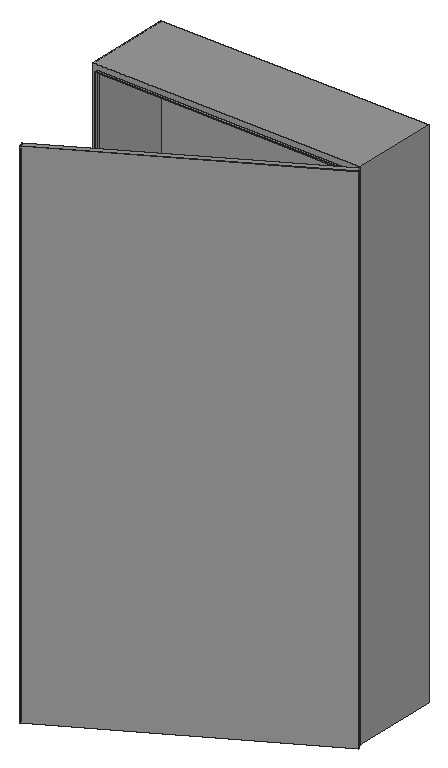
Revit family "Hager-Univers-IP55-D275-H1550-Cl.II-Steel_encl-NoHosted-DE-de", category Equipement électrique, Revit 2020
Family settings
  Configuration du panneau = Deux colonnes, circuits au sein
  Cote de connecteur circulaire = Utiliser le diamètre
  Type d'élément = Tableau de raccordement
  Basée sur le plan de construction = Oui
  Toujours verticalement = Oui
  Couper avec des vides une fois chargée = Non
  Partagée = Non
  Point de calcul de pièce = Non
Parameters (values of type "Aufputz IP55 B800 H1550 T275  - FR03S")
  Width Control [instance] = if([EF000008 - Breite] > Min Width, [EF000008 - Breite], Min Width)  # 800 mm
  Commentaires du type = [HG000003 - Bereich]  # "Univers"
  Thickness Door [instance] = if([EF009171 - Materialstärke Tür/Deckel] > 3 mm, 3 mm, [EF009171 - Materialstärke Tür/Deckel])  # 1.5 mm
  Seal Frame Offset [instance] = 17 mm  # constant formula
  Plinth Visibility [instance] = [HG000027 - Sockelhöhe] > 0 mm  # no
  Min Width [instance] = 100 mm  # constant formula
  Min Depth [instance] = (2 * [EF009170 - Materialstärke Gehäuse]) + 1 mm  # 4 mm
  Min Height [instance] = 100 mm  # constant formula
  Internal Frame Depth [instance] = (Door System Depth * 0.5)  # 9 mm
  Panel Name [instance] = ""  # (empty or 0)
  Model = ""
  HG000027 - Sockelhöhe = 0 mm
  HG000026 - Stehend auf dem Boden = no
  HG000024 - Höhe des unteren Teils = 600 mm
  HG000023 - Gehäuse mit doppeltem Querschnitt = no
  HG000016 - 3D-Türsichtbarkeit [instance] = yes
  HG000015 - Sichtbarkeit der Türöffnung [instance] = no
  HG000014 - Tür rechts [instance] = yes
  HG000013 - Tür links [instance] = not([HG000014 - Tür rechts])  # no
  HG000012 - Türschwenkwinkel [instance] = 30.00°
  HG000010 - Asymmetrische Türen = no
  HG000009 - Doppelflügeligen Tür = no
  HG000006 - Unterputz = no
  HG000004 - Herstellerreferenz = "FR03S"
  HG000003 - Bereich = "Univers"
  HG000002 - Mit tür = yes
  Frame Offset Bottom [instance] = 10 mm  # constant formula
  Frame Offset [instance] = 15 mm  # constant formula
  EF015940 - Deckel mit Überdruckentlastung = no
  EF011959 - Schutzart (NEMA) = ""
  EF009554 - Anzahl der Öffnungen für Flanschplatten = 6
  EF009212 - Ausführung Deckel = "EV000116 - geschlossen"
  EF009171 - Materialstärke Tür/Deckel = 1.5 mm
  EF009170 - Materialstärke Gehäuse = 1.5 mm
  EF008873 - Nennstrom (In) = 800 A
  EF007800 - Geeignet für Blitzschutz = no
  EF006306 - Mit Schloss = no
  EF006244 - Transparenter Deckel/Tür = no
  EF005474 - Schutzart (IP) = "EV006420 - IP55"
  EF004464 - Art der Tür = "EV002646 - Einzel"
  EF004427 - Anzahl der Module = 360
  EF004293 - Schlagfestigkeit = "EV008784 - IK10"
  EF003532 - Geeignet für Außengebrauch = no
  EF002950 - Breite in Teilungseinheiten = 24
  EF001613 - Funktionserhalt = "EV000494 - ohne"
  EF001596 - Werkstoff des Gehäuses = "EV000179 - Stahl"
  EF001131 - Innentiefe = 275 mm
  EF001088 - Anbaumöglichkeit = yes
  EF000437 - Anzahl der Leitungseinführungen = 6
  EF000339 - Art der Abdeckung = "EV004216 - Tür"
  EF000266 - Anzahl der Reihen = 10
  EF000218 - Einbautiefe = 0 mm
  EF000118 - Mit Montageplatte = no
  EF000116 - RAL-Nummer = "7035"
  EF000049 - Tiefe = 275 mm
  EF000040 - Höhe = 1550 mm
  EF000008 - Breite = 800 mm
  EF000007 - Farbe = "EV000270 - grau"
  EF000003 - Montageart = "EV000384 - Aufputz"
  Door System Leaf Tolerance [instance] = 1.5 mm  # constant formula
  Door System Depth [instance] = 18 mm  # constant formula
  Door Height [instance] = Height Control - [HG000027 - Sockelhöhe]  # 1550 mm
  Description = ""
  Default Elevation = 1219.2 mm
  Connector Offset [instance] = Height Control / 2  # 775 mm
  Fabricant = "Hager"  # constant formula
  Height Control [instance] = if([EF000040 - Höhe] > Min Height, [EF000040 - Höhe], Min Height)  # 1550 mm
  Depth Control [instance] = if([EF000049 - Tiefe] > Min Depth, [EF000049 - Tiefe], Min Depth)  # 275 mm
  Bottom Top Plate Trim [instance] = 1.5 mm  # constant formula
  Plinth height Ctrl [instance] = if([HG000027 - Sockelhöhe] > 0 mm, [HG000027 - Sockelhöhe], 12 mm)  # 12 mm
Types (5, lengths in mm): name | Width Control | HG000010 - Asymmetrische Türen | HG000009 - Doppelflügeligen Tür | HG000004 - Herstellerreferenz | EF009554 - Anzahl der Öffnungen für Flanschplatten | EF004464 - Art der Tür | EF004427 - Anzahl der Module | EF000437 - Anzahl der Leitungseinführungen | EF000008 - Breite
  Aufputz IP55 B1050 H1550 T275  - FR04S | 1050 | no | yes | "FR04S" | 8 | "EV003602 - Doppel" | 480 | 8 | 1050
  Aufputz IP55 B1300 H1550 T275  - FR05S | 1300 | yes | yes | "FR05S" | 10 | "EV003602 - Doppel" | 600 | 10 | 1300
  Aufputz IP55 B300 H1550 T275  - FR01S | 300 | no | no | "FR01S" | 2 | "EV002646 - Einzel" | 120 | 2 | 300
  Aufputz IP55 B550 H1550 T275  - FR02S | 550 | no | no | "FR02S" | 4 | "EV002646 - Einzel" | 240 | 4 | 550
  Aufputz IP55 B800 H1550 T275  - FR03S | 800 | no | no | "FR03S" | 6 | "EV002646 - Einzel" | 360 | 6 | 800
Reference planes
  plane 1 "Center (Front/Back)": y = 0
  plane 2: z = 0
  plane 3 "Center (Left/Right)": x = 0
  plane 4: y = 0
  plane 5: y = 0
  plane 6: z = 0
  plane 7: x = -400
  plane 8: x = 400
  plane 9: x = 398.5
  plane 10: x = -398.5
  plane 11: z = 0
  plane 12: z = 1.5
  plane 13: y = -275
  plane 14: y = -1.5
  plane 15: x = 0
  plane 16: y = -257
  plane 17: y = -273.5
  plane 18: y = -255.5
  plane 19: x = -383.5
  plane 20: x = 383.5
  plane 21: z = 11.5
  plane 22: x = -383
  plane 23: x = 383
  plane 24: z = 0
  plane 25: z = 1550
  plane 26: z = 1550
  plane 27: z = 1533.5
  plane 28: z = 1548.5
Forms (mm)
  Extrusion 1, solid, material "Hager_Steel_RAL7035_Light_Grey", detail levels medium+fine
    sketch origin (-208.679, -4572, 0) x (-1, 0, 0) y (0, -1, 0)
      loop
        line (191.321, -4315) -> (-608.679, -4315) -> (-608.679, -4572) -> (191.321, -4572) -> (191.321, -4315)
    from 0 to 1550
  Extrusion 2, void
    sketch origin (-350.771, -275, 1219.2) x (1, 0, 0) y (0, 0, 1)
      loop
        line (-47.729, 329.3) -> (-47.729, -1217.7) -> (749.271, -1217.7) -> (749.271, 329.3) -> (-47.729, 329.3)
    from -19.5 to -273.5
  Extrusion 3, void
    sketch origin (-290.084, -257, 1219.2) x (1, 0, 0) y (0, 0, 1)
      loop
        line (-93.416, -1207.7) -> (673.584, -1207.7) -> (673.584, 314.3) -> (-93.416, 314.3) -> (-93.416, -1207.7)
    from 0 to -1.5
  Extrusion 4, solid, material "Hager_Steel_RAL7035_Light_Grey", visible <- "Plinth Visibility", detail levels medium+fine
    sketch origin (0, 0, 0) x (1, 0, 0) y (0, 1, 0)
      loop
        line (-400, 0) -> (-400, -257) -> (400, -257) -> (400, 0) -> (-400, 0)
    from 0 to 12 <- "Plinth height Ctrl"
  Extrusion 5, solid, material "Hager_Steel_RAL7035_Light_Grey", detail levels coarse
    sketch origin (0, 0, 0) x (1, 0, 0) y (0, 1, 0)
      loop
        line (-400, 0) -> (-400, -275) -> (400, -275) -> (400, 0) -> (-400, 0)
    from 0 to 1550 <- "Height Control"
  Sweep 6, void
    path in 3D
      loop
        line (-400, -257, 12) -> (400, -257, 12) -> (400, 0, 12) -> (-400, 0, 12) -> (-400, -257, 12)
    profile origin (-400, -128.5, 12) x (1, 0, 0) y (0, 0, 1)
      loop
        line (0, 0) -> (0, -1.5) -> (1.5, -1.5)
        arc (1.5, -1.5) -> (1.061, -0.439) -> (0, 0) r 1.5
  Extrusion 7, solid, material "Hager_Steel_RAL7035_Light_Grey", detail levels fine
    sketch origin (-400, -257, 0) x (1, 0, 0) y (0, 0, 1)
      loop
        line (16.5, 11.5) -> (783.5, 11.5) -> (783.5, 1533.5) -> (16.5, 1533.5) -> (16.5, 11.5)
      loop
        line (15, 10) -> (785, 10) -> (785, 1535) -> (15, 1535) -> (15, 10)
    from 0 to 9 <- "Internal Frame Depth"
Cuts and joins
  Extrusion 2, Extrusion 3 cuts Extrusion 1
  Sweep 6 cuts Extrusion 4
Lines and regions (mm)
  Masking region 1
    outline origin (0, 0, 0) x (1, 0, 0) y (0, 1, 0)
      loop
        line (-400, 0) -> (-400, -275) -> (400, -275) -> (400, 0) -> (-400, 0)
  Masking region 2, detail levels coarse
    outline origin (-290.084, -257, 1219.2) x (-1, 0, 0) y (0, 0, 1)
      loop
        line (-690.084, -1219.2) -> (109.916, -1219.2) -> (109.916, 330.8) -> (-690.084, 330.8) -> (-690.084, -1219.2)
  Masking region 3, detail levels coarse
    outline origin (0, 0, 0) x (0, 1, 0) y (0, 0, 1)
      loop
        line (0, 0) -> (0, 1550) -> (-275, 1550) -> (-275, 0) -> (0, 0)
  Masking region 4, visible <- "Plinth Visibility", detail levels medium+fine
    outline origin (0, 0, 0) x (0, 1, 0) y (0, 0, 1)
      loop
        line (-1.5, 12) -> (-255.5, 12)
        arc (-255.5, 12) -> (-255.939, 10.939) -> (-257, 10.5) r 1.5
        line (-257, 10.5) -> (-257, 0) -> (0, 0) -> (0, 10.5)
        arc (0, 10.5) -> (-1.061, 10.939) -> (-1.5, 12) r 1.5
  Masking region 5, detail levels medium+fine
    outline origin (0, 0, 594.038) x (0, 1, 0) y (0, 0, 1)
      loop
        line (0, -594.038) -> (0, 955.962) -> (-257, 955.962) -> (-257, -594.038) -> (0, -594.038)
  Masking region 6, detail levels medium+fine
    outline origin (-359.7, -257, 1211.883) x (-1, 0, 0) y (0, 0, 1)
      loop
        line (-759.7, -1211.883) -> (40.3, -1211.883) -> (40.3, 338.117) -> (-759.7, 338.117) -> (-759.7, -1211.883)
  Masking region 7, visible <- "Plinth Visibility", detail levels medium+fine
    outline origin (-320.334, -257, 1041.368) x (-1, 0, 0) y (0, 0, 1)
      loop
        line (-720.334, -1041.368) -> (79.666, -1041.368) -> (79.666, -1030.868)
        arc (79.666, -1030.868) -> (78.606, -1030.429) -> (78.166, -1029.368) r 1.5
        line (78.166, -1029.368) -> (-718.834, -1029.368)
        arc (-718.834, -1029.368) -> (-719.273, -1030.429) -> (-720.334, -1030.868) r 1.5
        line (-720.334, -1030.868) -> (-720.334, -1041.368)
  sketch lines
    curve 1: line (-400, 0, 12) -> (-400, -257, 12)
    curve 2: line (-400, -257, 12) -> (400, -257, 12)
    curve 3: line (400, 0, 12) -> (-400, 0, 12)
    curve 4: line (400, -257, 12) -> (400, 0, 12)
Dimensions and locks
  locked: plane 1 "Center (Front/Back)" to plane 5
  "EF009170 - Materialstärke Gehäuse": plane 7 to plane 10
  "EF009170 - Materialstärke Gehäuse": plane 8 to plane 9
  equal spacing: plane 7, plane 3 "Center (Left/Right)", plane 8
  "Width Control": plane 7 to plane 8
  "Depth Control": plane 4 to plane 13
  "EF009170 - Materialstärke Gehäuse": plane 4 to plane 14
  "Height Control": plane 25 to level
  "HG000027 - Sockelhöhe": plane 11 to level
  "EF009170 - Materialstärke Gehäuse": plane 12 to plane 11
  "EF009170 - Materialstärke Gehäuse": plane 17 to plane 13
  "EF009170 - Materialstärke Gehäuse": plane 18 to plane 16
  "Frame Offset Bottom": plane 21 to plane 12
  "Frame Offset": plane 10 to plane 19
  "Frame Offset": plane 9 to plane 20
  "Door System Depth": plane 16 to plane 13
  "Seal Frame Offset": plane 7 to plane 22
  "Seal Frame Offset": plane 8 to plane 23
  "EF009170 - Materialstärke Gehäuse": plane 26 to plane 28
  "Frame Offset": plane 28 to plane 27
  "Connector Offset": plane 2 to connector elem
  "Bottom Top Plate Trim": profile plane to Sweep 6 sketch curve
  "Bottom Top Plate Trim": Sweep 6 sketch curve to Sweep 6 sketch curve
  "Plinth height Ctrl": Masking region 4 sketch curve to level
  "Plinth height Ctrl": Masking region 7 sketch curve to level
  "Thickness Door": Extrusion 7 sketch curve to Extrusion 7 sketch curve  (x4)
  "Bottom Top Plate Trim": radius of Sweep 6 sketch curve
  "Bottom Top Plate Trim": radius of Masking region 4 sketch curve  (x2)
  "Bottom Top Plate Trim": radius of Masking region 7 sketch curve  (x2)
  aligned and locked: Extrusion 2 sketch curve to plane 12
  aligned and locked: Extrusion 2 sketch curve to plane 9
  aligned and locked: Extrusion 2 sketch curve to plane 10
  aligned and locked: Extrusion 2 to plane 14
  aligned and locked: Extrusion 1 sketch curve to plane 4
  aligned and locked: plane 8 to Extrusion 1 sketch curve
  aligned and locked: plane 7 to Extrusion 1 sketch curve
  aligned and locked: Extrusion 2 to plane 18
  aligned and locked: Extrusion 3 sketch curve to plane 19
  aligned and locked: plane 20 to Extrusion 3 sketch curve
  aligned and locked: Extrusion 3 to Extrusion 2
  aligned and locked: Extrusion 3 sketch curve to plane 21
  aligned and locked: plane 3 "Center (Left/Right)" to nested 1
  aligned and locked: Extrusion 1 sketch curve to plane 16
  aligned and locked: Extrusion 4 sketch curve to cut or joined group of Extrusion 1, Extrusion 2, Extrusion 3
  aligned and locked: Masking region 1 sketch curve to plane 7
  aligned and locked: Masking region 1 sketch curve to plane 5
  aligned and locked: Masking region 1 sketch curve to plane 8
  aligned and locked: Masking region 2 sketch curve to level
  aligned and locked: level to Masking region 3 sketch curve
  aligned and locked: plane 1 "Center (Front/Back)" to Masking region 3 sketch curve
  aligned and locked: plane 13 to Masking region 3 sketch curve
  aligned and locked: plane 5 to Masking region 4 sketch curve
  aligned and locked: Masking region 2 sketch curve to plane 8
  aligned and locked: Masking region 2 sketch curve to plane 7
  aligned and locked: plane 7 to nested 2
  aligned and locked: nested 2 to plane 5
  aligned and locked: plane 5 to Masking region 5 sketch curve
  aligned and locked: plane 26 to Masking region 5 sketch curve
  aligned and locked: Extrusion 5 sketch curve to plane 8
  aligned and locked: Extrusion 5 sketch curve to plane 7
  aligned and locked: Extrusion 5 sketch curve to plane 5
  aligned and locked: Extrusion 3 sketch curve to plane 27
  aligned and locked: Extrusion 2 sketch curve to plane 28
  aligned and locked: Masking region 2 to plane 25
  aligned and locked: Extrusion 4 to plane 16
  aligned and locked: profile plane to Sweep 6 sketch curve
  aligned and locked: Masking region 5 sketch curve to plane 24
  aligned and locked: level to Masking region 4 sketch curve
  aligned and locked: Masking region 1 to plane 13
  aligned and locked: nested 1 to plane 16
  aligned and locked: Masking region 3 to plane 25
  aligned and locked: plane 16 to Masking region 4 sketch curve
  aligned and locked: Masking region 5 sketch curve to plane 16
  aligned and locked: plane 24 to plane 11
  aligned and locked: plane 26 to plane 25
  aligned and locked: plane 26 to cut or joined group of Extrusion 1, Extrusion 2, Extrusion 3
  aligned and locked: nested 1 to plane 24
  aligned and locked: Extrusion 1 to Extrusion 3
  aligned and locked: Masking region 6 sketch curve to plane 8
  aligned and locked: Masking region 6 sketch curve to plane 24
  aligned and locked: Masking region 6 sketch curve to plane 7
  aligned and locked: Masking region 6 sketch curve to plane 26
  aligned and locked: Masking region 7 sketch curve to plane 7
  aligned and locked: level to Masking region 7 sketch curve
  aligned and locked: Masking region 7 sketch curve to plane 8
  aligned and locked: Extrusion 7 sketch curve to cut or joined group of Extrusion 1, Extrusion 2, Extrusion 3  (x4)
Automatic sketch dimensions
  plane 19 to Extrusion 3 sketch curve = 0 mm
  Extrusion 3 sketch curve to plane 20 = 0 mm
  Extrusion 3 sketch curve to plane 21 = 0 mm
  Extrusion 4 sketch curve to plane 7 = 0 mm
  Extrusion 4 sketch curve to plane 8 = 0 mm
  Extrusion 4 sketch curve to plane 16 = 0 mm
  Masking region 1 sketch curve to plane 13 = 0 mm
  Masking region 2 sketch curve to plane 25 = 0 mm
  Masking region 3 sketch curve to plane 25 = 0 mm
  Extrusion 5 sketch curve to plane 13 = 0 mm
  profile plane to Sweep 6 sketch curve = 0 mm
Nested families
  nested 1: "EC000058_Univers_Door" at (0, -257, 0), Double <- "HG000009 - Doppelflügeligen Tür", Transparent <- "EF006244 - Transparenter Deckel/Tür", Angle <- "HG000012 - Türschwenkwinkel", Door_Right <- "HG000014 - Tür rechts", Assymetrical <- "HG000010 - Asymmetrische Türen", Door <- "HG000002 - Mit tür", Width_Ctrl <- "Width Control", 3d_Door <- "HG000016 - 3D-Türsichtbarkeit", Clearance <- "HG000015 - Sichtbarkeit der Türöffnung", Door_Left <- "HG000013 - Tür links", Width <- "Width Control", Door_Depth <- "Door System Depth", Leaf_Tolerance <- "Door System Leaf Tolerance", Height <- "Door Height", Lock_Visibility <- "EF006306 - Mit Schloss", Thickness <- "Thickness Door", type "EC000058_Univers_Door", detail levels medium+fine
    with min_wh 4 mm, Width_Ctrl 800 mm, Width 800 mm, Transparent no, Thickness 1.5 mm, Seal_Material Hager_Rubber, Lock_Visibility no, Lock_Material Hager_Plastic_RAL9005_Jet_Black, Leaf_Width 800 mm, Leaf_Tolerance_External_Sides 0 mm, Leaf_Tolerance 1.5 mm, Leaf_Offset 0 mm, Leaf_Height 1547 mm, Leaf_2_Width 800 mm, Leaf_2_Offset 400 mm, Leaf_1_Width 800 mm, Leaf_1_Offset 400 mm, Height_Ctrl 1550 mm, Height 1550 mm, Glass_Material Hager_Glass, Double_Clearance_Ctrl no, Double no, Door_Right_Ctrl yes, Door_Right yes, Door_Material Hager_Steel_RAL7035_Light_Grey, Door_Left_Ctrl no, Door_Left no, Door_Depth 18 mm, Door yes, Clearance_Material Hager_Clearance, Clearance_Depth 800 mm, Clearance_Ctrl no, Clearance no, Assymetrical no, Angle 30.00°, 3d_Door yes
  nested 2: "Hager_Enclosure_Symbol" at (-400, 0, 0), Height <- "Depth Control", Width <- "Width Control", type "Hager_Enclosure_Symbol"
    with Width_Ctrl 800 mm, Width 800 mm, Height_Ctrl 275 mm, Height 275 mm, A_Width_Int 18.047 mm, A_Width 216.562 mm, A_Height_Ctrl 240.625 mm, A_Height 240.625 mm
Connectors
  electrical at (0, 0, 775)
    settings: on plane 1 "Center (Front/Back)", index 1, voltage 0 V, apparent load 0 VA, apparent load phase1 0 VA, apparent load phase2 0 VA, apparent load phase3 0 VA, power factor 1, load classification "Other", number of poles 1, system type 30, power factor state 1, is connector primary yes, connector utility no, sub classification motor no, connector description ""
Definition of nested family "EC000058_Univers_Door"
  Parameters (values of type "EC000058_Univers_Door")
    min_wh [instance] = (2 * Thickness) + 1 mm  # 11 mm
    Width_Ctrl [instance] = 400 mm
    Width [instance] = 500 mm
    Transparent [instance] = yes
    Thickness [instance] = 5 mm
    Seal_Material [instance] = none
    Lock_Visibility [instance] = yes
    Lock_Material [instance] = none
    Leaf_Width [instance] = if((Width_Ctrl - 2 * Leaf_Tolerance_External_Sides) > 0 mm, (Width_Ctrl - 2 * Leaf_Tolerance_External_Sides), min_wh)  # 400 mm
    Leaf_Tolerance_External_Sides [instance] = 0 mm  # constant formula
    Leaf_Tolerance [instance] = 1.5 mm
    Leaf_Offset [instance] = 0 mm  # constant formula
    Leaf_Height [instance] = if((Height_Ctrl - 2 * Leaf_Tolerance) > 0 mm, (Height_Ctrl - 2 * Leaf_Tolerance), min_wh)  # 497 mm
    Leaf_2_Width [instance] = if(and(and(Double, Assymetrical), Door_Left), (Leaf_Width / 3) - (Leaf_Tolerance / 2), if(and(and(Double, Assymetrical), Door_Right), (Leaf_Width / 3) * 2 - (Leaf_Tolerance / 2), if(and(Double, not(Assymetrical)), (Leaf_Width / 2) - Leaf_Tolerance, Leaf_Width)))  # 400 mm
    Leaf_2_Offset [instance] = if(and(Double, Assymetrical), Leaf_2_Width / 2, if(and(Double, not(Assymetrical)), Leaf_Width / 4, Leaf_Width / 2))  # 200 mm
    Leaf_1_Width [instance] = if(and(and(Double, Assymetrical), Door_Right), (Leaf_Width / 3) - (Leaf_Tolerance / 2), if(and(and(Double, Assymetrical), Door_Left), (Width / 3) * 2 - (Leaf_Tolerance / 2), if(and(Double, not(Assymetrical)), (Leaf_Width / 2) - Leaf_Tolerance, Leaf_Width)))  # 400 mm
    Leaf_1_Offset [instance] = if(and(Double, Assymetrical), Leaf_1_Width / 2, if(and(Double, not(Assymetrical)), Leaf_Width / 4, Leaf_Width / 2))  # 200 mm
    Height_Ctrl [instance] = if(Height > min_wh, Height, min_wh)  # 500 mm
    Height [instance] = 500 mm
    Glass_Material [instance] = none
    Double_Clearance_Ctrl [instance] = and(Double, Clearance)  # no
    Double [instance] = no
    Door_Right_Ctrl [instance] = and(or(Door_Right, Double), Door)  # yes
    Door_Right [instance] = yes
    Door_Material [instance] = none
    Door_Left_Ctrl [instance] = and(or(Door_Left, Double), Door)  # no
    Door_Left [instance] = no
    Door_Depth [instance] = 30 mm
    Door [instance] = yes
    Default Elevation = 1219.2 mm
    Clearance_Material [instance] = none
    Clearance_Depth [instance] = if(Leaf_1_Width > Leaf_2_Width, Leaf_1_Width, Leaf_2_Width)  # 400 mm
    Clearance_Ctrl [instance] = and(not(Double), Clearance)  # yes
    Clearance [instance] = yes
    Assymetrical [instance] = yes
    Angle [instance] = 30.00°
    3d_Door [instance] = yes
  Reference planes
    plane 1 "Center (Front/Back)": y = 0
    plane 2 "Bottom": z = 0
    plane 3 "Center (Left/Right)": x = 0
    plane 4: z = 500
    plane 5: x = -200
    plane 6: x = 200
    plane 7: z = 500
    plane 8: x = -200
    plane 9: z = 0
    plane 10: x = 200
    plane 11: y = 0
    plane 12: z = 1.5
    plane 13: x = -600
    plane 14: y = -400
    plane 15: x = 600
    plane 16: x = 0
    plane 17: x = 0
    plane 18: x = -200
    plane 19: x = 200
    plane 20: z = 498.5
  Forms (mm)
    Extrusion 1, solid, material <- "Clearance_Material", visible <- "Double_Clearance_Ctrl"
      sketch origin (1200, 0, 0) x (1, 0, 0) y (0, 0, -1)
        loop
          line (-1800, -498.5) -> (-600, -498.5) -> (-600, 0) -> (-1800, 0) -> (-1800, -498.5)
      from 0 to -400
  Dimensions and locks
    equal spacing: plane 5, plane 3 "Center (Left/Right)", plane 6
    "Width_Ctrl": plane 5 to plane 6
    "Leaf_Offset": plane 5 to plane 8
    "Leaf_Offset": plane 6 to plane 10
    "Leaf_Offset": plane 9 to level
    "Leaf_Offset": plane 4 to plane 7
    "Height_Ctrl": plane 4 to level
    "Leaf_Tolerance": plane 12 to plane 9
    locked: plane 11 to plane 1 "Center (Front/Back)"
    "Leaf_1_Offset": plane 18 to plane 16
    "Leaf_2_Offset": plane 17 to plane 19
    "Leaf_1_Width": plane 13 to plane 8
    "Leaf_2_Width": plane 10 to plane 15
    "Clearance_Depth": plane 14 to plane 1 "Center (Front/Back)"
    "Leaf_Tolerance_External_Sides": plane 8 to plane 18
    "Leaf_Tolerance_External_Sides": plane 19 to plane 10
    "Leaf_Tolerance": plane 7 to plane 20
    aligned and locked: level to plane 2 "Bottom"
    aligned and locked: nested 1 to plane 16
    aligned and locked: nested 2 to plane 17
    aligned and locked: Extrusion 1 to plane 13
    aligned and locked: plane 15 to Extrusion 1
    aligned and locked: Extrusion 1 to plane 14
    aligned and locked: plane 12 to nested 1
    aligned and locked: nested 2 to plane 12
    aligned and locked: Extrusion 1 to plane 11
    aligned and locked: plane 20 to Extrusion 1
    aligned and locked: nested 2 to plane 11
    aligned and locked: nested 1 to plane 11
  Automatic sketch dimensions
    Extrusion 1 sketch curve to level = 0 mm
    plane 5 to Extrusion 1 sketch curve = 400 mm
    plane 6 to Extrusion 1 sketch curve = 400 mm
    Extrusion 1 sketch curve to plane 4 = 1.5 mm
  Nested families
    nested 1: "EC000058_Univers_Door_Leaf" at (0, 0, 1.5), Width <- "Leaf_1_Width", visible <- "Door_Left_Ctrl", Leaf_Height <- "Leaf_Height", Angle <- "Angle", 3d_Door <- "3d_Door", Transparent <- "Transparent", Clearance Material <- "Clearance_Material", Clearance <- "Clearance_Ctrl", Door_Material <- "Door_Material", Glass_Material <- "Glass_Material", Door_Depth <- "Door_Depth", Lock_Material <- "Lock_Material", Seal_Material <- "Seal_Material", Lock_Visibility <- "Lock_Visibility", Thickness <- "Thickness", type "EC000058_Univers_Door_Leaf"
      with Width 400 mm, Transparent_Glass_Offset 30 mm, Transparent_Ctrl yes, Transparent yes, Thickness 5 mm, Standard no, Seal_Material none, Seal_D2 8 mm, Seal_D1 1 mm, Offset_Internal_Frame 10 mm, Lock_Width 20 mm, Lock_Visibility_3d yes, Lock_Visibility yes, Lock_Thickness_3 3 mm, Lock_Thickness_2 1 mm, Lock_Thickness_1 3 mm, Lock_Radius_Offset_2 16 mm, Lock_Radius_Offset_1 15 mm, Lock_Radius_2 5 mm, Lock_Radius 6 mm, Lock_Offset 5 mm, Lock_Material none, Lock_Height 80 mm, Lock_Cover_Top_Offset_2d 17 mm, Lock_Cover_Height -65 mm, Leaf_Height 497 mm, Internal_Seal_Thickness 8 mm, Internal_Seal_Depth_2 4.5 mm, Internal_Frame_Depth 25 mm, Glass_Thickness -1 mm, Glass_Offset -2 mm, Glass_Material none, Door_Material none, Door_Depth 30 mm, Clearance Material none, Clearance yes, Angle_Ctrl 30.00°, Angle 30.00°, 3d_Door yes
    nested 2: "EC000058_Univers_Door_Leaf" at (0, 0, 1.5) x (-1, 0, 0) z (0, 0, 1), Width <- "Leaf_2_Width", visible <- "Door_Right_Ctrl", Leaf_Height <- "Leaf_Height", Angle <- "Angle", 3d_Door <- "3d_Door", Transparent <- "Transparent", Clearance Material <- "Clearance_Material", Clearance <- "Clearance_Ctrl", Door_Material <- "Door_Material", Glass_Material <- "Glass_Material", Door_Depth <- "Door_Depth", Lock_Material <- "Lock_Material", Seal_Material <- "Seal_Material", Lock_Visibility <- "Lock_Visibility", Thickness <- "Thickness", type "EC000058_Univers_Door_Leaf"
      with Width 400 mm, Transparent_Glass_Offset 30 mm, Transparent_Ctrl yes, Transparent yes, Thickness 5 mm, Standard no, Seal_Material none, Seal_D2 8 mm, Seal_D1 1 mm, Offset_Internal_Frame 10 mm, Lock_Width 20 mm, Lock_Visibility_3d yes, Lock_Visibility yes, Lock_Thickness_3 3 mm, Lock_Thickness_2 1 mm, Lock_Thickness_1 3 mm, Lock_Radius_Offset_2 16 mm, Lock_Radius_Offset_1 15 mm, Lock_Radius_2 5 mm, Lock_Radius 6 mm, Lock_Offset 5 mm, Lock_Material none, Lock_Height 80 mm, Lock_Cover_Top_Offset_2d 17 mm, Lock_Cover_Height -65 mm, Leaf_Height 497 mm, Internal_Seal_Thickness 8 mm, Internal_Seal_Depth_2 4.5 mm, Internal_Frame_Depth 25 mm, Glass_Thickness -1 mm, Glass_Offset -2 mm, Glass_Material none, Door_Material none, Door_Depth 30 mm, Clearance Material none, Clearance yes, Angle_Ctrl 30.00°, Angle 30.00°, 3d_Door yes
  Definition of nested family "EC000058_Univers_Door_Leaf"
    Parameters (values of type "EC000058_Univers_Door_Leaf")
      Width [instance] = 2000 mm
      Transparent_Glass_Offset [instance] = 30 mm
      Transparent_Ctrl [instance] = and(Transparent, [3d_Door])  # yes
      Transparent [instance] = yes
      Thickness [instance] = 5 mm
      Standard [instance] = and(not(Transparent), [3d_Door])  # no
      Seal_Material [instance] = none
      Seal_D2 [instance] = 8 mm  # constant formula
      Seal_D1 [instance] = 1 mm  # constant formula
      Offset_Internal_Frame [instance] = 10 mm  # constant formula
      Lock_Width [instance] = 20 mm  # constant formula
      Lock_Visibility_3d [instance] = and(Lock_Visibility, [3d_Door])  # yes
      Lock_Visibility [instance] = yes
      Lock_Thickness_3 [instance] = 3 mm  # constant formula
      Lock_Thickness_2 [instance] = 1 mm  # constant formula
      Lock_Thickness_1 [instance] = 3 mm  # constant formula
      Lock_Radius_Offset_2 [instance] = Lock_Radius_Offset_1 + 1 mm  # 16 mm
      Lock_Radius_Offset_1 [instance] = 15 mm  # constant formula
      Lock_Radius_2 [instance] = Lock_Radius - 1 mm  # 5 mm
      Lock_Radius [instance] = 6 mm  # constant formula
      Lock_Offset [instance] = 5 mm  # constant formula
      Lock_Material [instance] = none
      Lock_Height [instance] = 80 mm  # constant formula
      Lock_Cover_Top_Offset_2d [instance] = Lock_Radius_Offset_2 + 1 mm  # 17 mm
      Lock_Cover_Height [instance] = -(Lock_Height - Lock_Radius_Offset_1)  # -65 mm
      Leaf_Height [instance] = 2720.336 mm
      Internal_Seal_Thickness [instance] = 8 mm  # constant formula
      Internal_Seal_Depth_2 [instance] = 4.5 mm  # constant formula
      Internal_Frame_Depth [instance] = if(Door_Depth - Thickness > 5 mm, Door_Depth - Thickness, 5 mm)  # 25 mm
      Glass_Thickness [instance] = if(Thickness > 15 mm, Glass_Offset + 10 mm, -1 mm)  # -1 mm
      Glass_Offset [instance] = if(Thickness > 15 mm, -(Thickness + 10 mm) / 2, -2 mm)  # -2 mm
      Glass_Material [instance] = none
      Door_Material [instance] = none
      Door_Depth [instance] = 30 mm
      Default Elevation = 0 mm
      Clearance Material [instance] = none
      Clearance [instance] = yes
      Angle_Ctrl [instance] = if(Angle > 180.00°, 180.00°, Angle)  # 90.00°
      Angle [instance] = 90.00°
      3d_Door [instance] = yes
    Reference planes
      plane 1 "Center (Front/Back)": y = 0
      plane 2: z = 0
      plane 3 "Center (Left/Right)": x = 0
      plane 4: y = 2000
      plane 5: x = -1000
      plane 6: x = 1000
      plane 7: x = -3000
      plane 8: z = 2720.336
      plane 9: z = 30
      plane 10: z = 2690.336
      plane 11: x = 970
      plane 12: x = -970
      plane 13: y = -3
      plane 14: z = 107.833
      plane 15: y = -5
      plane 16: y = -223.314
      plane 17: x = -1000
      plane 18: z = 1360.168
      plane 19: y = 30
    Forms (mm)
      Extrusion 1, solid, material <- "Clearance Material", visible <- "Clearance"
        sketch origin (0, 0, 0) x (1, 0, 0) y (0, 0, 1)
          loop
            line (-3000, 2720.336) -> (-3000, 0) -> (1000, 0) -> (1000, 2720.336) -> (-3000, 2720.336)
        from 0 to -2000
      Extrusion 2, solid, material <- "Door_Material", visible <- "Standard", detail levels medium+fine
        sketch origin (-1000, 0, 0) x (0, 1, 0) y (-1, 0, 0)
          loop
            line (0, 30) -> (0, 25) -> (2000, 25) -> (2000, 30) -> (0, 30)
        from 0 to 2720.336 <- "Leaf_Height"
      Extrusion 3, solid, material <- "Door_Material", visible <- "Transparent_Ctrl", detail levels medium+fine
        sketch origin (-1000, 0, 0) x (0, 1, 0) y (-1, 0, 0)
          loop
            line (0, 25) -> (2000, 25) -> (2000, 30) -> (0, 30) -> (0, 25)
        from 0 to 2720.336 <- "Leaf_Height"
      Extrusion 4, void
        sketch origin (-1025, 2000, 0) x (0, 1, 0) y (0, 0, -1)
          loop
            line (-30, -2690.336) -> (-30, -30) -> (-1970, -30) -> (-1970, -2690.336) -> (-30, -2690.336)
        from 0 to 5 <- "Thickness"
      Sweep 5, solid, material <- "Seal_Material", visible <- "Transparent_Ctrl", detail levels fine
        path in 3D
          loop
            line (-1025, 30, 30) -> (-1025, 30, 2690.336) -> (-1025, 1970, 2690.336) -> (-1025, 1970, 30) -> (-1025, 30, 30)
        profile origin (-1025, 1000, 30) x (1, 0, 0) y (0, 0, 1)
          loop
            line (0, 0) -> (0, -8) -> (1, -8) -> (1, 0) -> (0, 0)
      Extrusion 6, solid, material <- "Glass_Material", visible <- "Transparent_Ctrl", detail levels medium+fine
        sketch origin (-1030, 0, 0) x (0, 1, 0) y (0, 0, -1)
          loop
            line (1970, -2690.336) -> (1970, -30) -> (30, -30) -> (30, -2690.336) -> (1970, -2690.336)
        from -2 <- "Glass_Offset" to -1 <- "Glass_Thickness"
      Extrusion 7, solid, material <- "Door_Material", visible <- "3d_Door", detail levels medium+fine
        sketch origin (-1025, 2000, 0) x (0, -1, 0) y (0, 0, -1)
          loop
            line (0, -2720.336) -> (2000, -2720.336) -> (2000, 0) -> (0, 0) -> (0, -2720.336)
          loop
            line (1995, -5) -> (5, -5) -> (5, -2715.336) -> (1995, -2715.336) -> (1995, -5)
        from 0 to 25 <- "Internal_Frame_Depth"
      Sweep 8, solid, material <- "Seal_Material", visible <- "Transparent_Ctrl", detail levels fine
        path in 3D
          loop
            line (-1025, 0, 0) -> (-1025, 2000, 0) -> (-1025, 2000, 2720.336) -> (-1025, 0, 2720.336) -> (-1025, 0, 0)
        profile origin (-1025, 0, 1360.168) x (1, 0, 0) y (0, 1, 0)
          loop
            line (0, 10) -> (2.975, 10)
            arc (2.975, 10) -> (4.053, 10.447) -> (4.5, 11.525) r 1.525
            line (4.5, 11.525) -> (4.5, 16.527)
            arc (4.5, 16.527) -> (4.069, 17.569) -> (3.027, 18) r 1.473
            line (3.027, 18) -> (0, 18) -> (0, 10)
      Extrusion 9, solid, material <- "Lock_Material", visible <- "Lock_Visibility_3d", detail levels fine
        sketch origin (-1030, 0, 0) x (0, 1, 0) y (0, 0, -1)
          loop
            arc (1993.5, -1400.168) -> (1994.561, -1399.729) -> (1995, -1398.668) r 1.5
            line (1995, -1398.668) -> (1995, -1320.168) -> (1975, -1320.168) -> (1975, -1398.668)
            arc (1975, -1398.668) -> (1975.439, -1399.729) -> (1976.5, -1400.168) r 1.5
            line (1976.5, -1400.168) -> (1993.5, -1400.168)
        from 3 <- "Lock_Thickness_1" to 0
      Blend 10, solid, material <- "Lock_Material", visible <- "Lock_Visibility_3d", detail levels fine
        base sketch origin (-1033, 0, 0) x (0, 1, 0) y (0, 0, -1)
          loop
            line (1975, -1320.168) -> (1975, -1398.668)
            arc (1975, -1398.668) -> (1975.439, -1399.729) -> (1976.5, -1400.168) r 1.5
            line (1976.5, -1400.168) -> (1993.5, -1400.168)
            arc (1993.5, -1400.168) -> (1994.561, -1399.729) -> (1995, -1398.668) r 1.5
            line (1995, -1398.668) -> (1995, -1320.168) -> (1975, -1320.168)
        top sketch origin (-1033, 0, 0) x (0, 1, 0) y (0, 0, -1)
          loop
            line (1976, -1320.168) -> (1976, -1398.668)
            arc (1976, -1398.668) -> (1976.146, -1399.022) -> (1976.5, -1399.168) r 0.5
            line (1976.5, -1399.168) -> (1993.5, -1399.168)
            arc (1993.5, -1399.168) -> (1993.854, -1399.022) -> (1994, -1398.668) r 0.5
            line (1994, -1398.668) -> (1994, -1320.168) -> (1976, -1320.168)
        from 0 to 1 <- "Lock_Thickness_2"
      Blend 11, solid, material <- "Lock_Material", visible <- "Lock_Visibility_3d", detail levels fine
        base sketch origin (-1034, 0, 0) x (0, 1, 0) y (0, 0, -1)
          loop
            line (1978, -1320.168) -> (1978, -1384.168)
            arc (1978, -1384.168) -> (1985, -1391.168) -> (1992, -1384.168) r 7
            line (1992, -1384.168) -> (1992, -1320.168) -> (1978, -1320.168)
        top sketch origin (-1034, 0, 0) x (0, 1, 0) y (0, 0, -1)
          loop
            line (1991, -1320.168) -> (1979, -1320.168) -> (1979, -1383.168)
            arc (1979, -1383.168) -> (1985, -1389.168) -> (1991, -1383.168) r 6
            line (1991, -1383.168) -> (1991, -1320.168)
        from 0 to 3 <- "Lock_Thickness_3"
      Extrusion 12, solid, material <- "Lock_Material", visible <- "Lock_Visibility_3d", detail levels fine
        sketch origin (-1030, 1975, 1320.168) x (1, 0, 0) y (0, -1, 0)
          loop
            line (-7, -19) -> (-7, -1) -> (0, -1) -> (0, 0) -> (-8, 0) -> (-8, -20) -> (0, -20) -> (0, -19) -> (-7, -19)
        from 0 to -65 <- "Lock_Cover_Height"
      Extrusion 13, void
        sketch origin (-1038, 1995, 1320.168) x (-1, 0, 0) y (0, 0, -1)
          loop
            line (-5, -65) -> (0, -65) -> (-5, -60) -> (-5, -65)
        from 0 to 20 <- "Lock_Width"
      Extrusion 14, void
        sketch origin (-1038, 1975, 1320.168) x (0, -1, 0) y (0, 0, -1)
          loop
            circle (-10, -15.995) r 6
          loop
            circle (-10, -15.995) r 5
        from 0 to 2
      Extrusion 15, solid, material <- "Lock_Material", visible <- "Lock_Visibility_3d", detail levels medium
        sketch origin (-1030, 0, 0) x (0, 1, 0) y (0, 0, -1)
          loop
            arc (1993.5, -1400.168) -> (1994.561, -1399.729) -> (1995, -1398.668) r 1.5
            line (1995, -1398.668) -> (1995, -1320.168) -> (1975, -1320.168) -> (1975, -1398.668)
            arc (1975, -1398.668) -> (1975.439, -1399.729) -> (1976.5, -1400.168) r 1.5
            line (1976.5, -1400.168) -> (1993.5, -1400.168)
        from 8 to 0
    Cuts and joins
      Extrusion 4 cuts Extrusion 3
      Extrusion 13, Extrusion 14 cuts Extrusion 9
      Extrusion 14 cuts Blend 11
      Extrusion 13, Extrusion 14 cuts Extrusion 12
      joined: Extrusion 9, Blend 10, Blend 11, Extrusion 12
      Extrusion 14 cuts Extrusion 15
    Lines and regions (mm)
      Masking region 1, visible <- "Lock_Visibility", detail levels fine
        outline origin (0, 0, 0) x (0, 1, 0) y (0, 0, 1)
          loop
            line (30, 1320.168) -> (33, 1320.168) -> (33, 1400.168) -> (30, 1400.168) -> (30, 1320.168)
      Masking region 2, visible <- "Lock_Visibility", detail levels fine
        outline origin (0, 3.143, 0) x (0, 1, 0) y (0, 0, 1)
          loop
            line (29.857, 1354.168) -> (30.857, 1354.168) -> (30.857, 1366.168) -> (29.857, 1366.168) -> (29.857, 1354.168)
      Masking region 3, detail levels medium+fine
        outline origin (0, 0, 0) x (0, 1, 0) y (0, 0, 1)
          loop
            line (0, 0) -> (30, 0) -> (30, 2720.336) -> (0, 2720.336) -> (0, 0)
      Masking region 4, detail levels medium+fine
        outline origin (0, 0, 0) x (1, 0, 0) y (0, 0, 1)
          loop
            line (-1000, 2720.336) -> (-1000, 0) -> (1000, 0) -> (1000, 2720.336) -> (-1000, 2720.336)
      Masking region 5, visible <- "Lock_Visibility", detail levels fine
        outline origin (-47.116, 0, 0) x (1, 0, 0) y (0, 0, 1)
          loop
            arc (1024.616, 1399.168) -> (1023.556, 1398.729) -> (1023.116, 1397.668) r 1.5
            line (1023.116, 1397.668) -> (1023.116, 1320.168) -> (1041.116, 1320.168) -> (1041.116, 1397.668)
            arc (1041.116, 1397.668) -> (1040.677, 1398.729) -> (1039.616, 1399.168) r 1.5
            line (1039.616, 1399.168) -> (1024.616, 1399.168)
      Masking region 6, visible <- "Lock_Visibility", detail levels medium+fine
        outline origin (-25, 0, 0) x (1, 0, 0) y (0, 0, 1)
          loop
            arc (1001.5, 1400.168) -> (1000.439, 1399.729) -> (1000, 1398.668) r 1.5
            line (1000, 1398.668) -> (1000, 1320.168) -> (1020, 1320.168) -> (1020, 1398.668)
            arc (1020, 1398.668) -> (1019.561, 1399.729) -> (1018.5, 1400.168) r 1.5
            line (1018.5, 1400.168) -> (1001.5, 1400.168)
      Masking region 7, visible <- "Lock_Visibility", detail levels fine
        outline origin (-73.735, 0, 0) x (1, 0, 0) y (0, 0, 1)
          loop
            line (1051.735, 1382.168) -> (1065.735, 1382.168) -> (1065.735, 1384.168)
            arc (1065.735, 1384.168) -> (1058.735, 1391.168) -> (1051.735, 1384.168) r 7
            line (1051.735, 1384.168) -> (1051.735, 1382.168)
      Masking region 8, visible <- "Lock_Visibility", detail levels fine
        outline origin (-73.735, 0, 0) x (1, 0, 0) y (0, 0, 1)
          loop
            line (1052.735, 1382.168) -> (1064.735, 1382.168) -> (1064.735, 1383.168)
            arc (1064.735, 1383.168) -> (1058.735, 1389.168) -> (1052.735, 1383.168) r 6
            line (1052.735, 1383.168) -> (1052.735, 1382.168)
      Masking region 9, visible <- "Lock_Visibility", detail levels fine
        outline origin (-25, 0, 0) x (1, 0, 0) y (0, 0, 1)
          loop
            line (1020, 1320.168) -> (1020, 1382.168) -> (1000, 1382.168) -> (1000, 1320.168) -> (1020, 1320.168)
      Masking region 10, detail levels medium+fine
        outline origin (0, 0, 0) x (1, 0, 0) y (0, 0, 1)
          loop
            circle (985, 1335.144) r 6
      Masking region 11, detail levels fine
        outline origin (0, 0, 0) x (1, 0, 0) y (0, 0, 1)
          loop
            circle (985, 1335.144) r 5
      Masking region 12, visible <- "Lock_Visibility", detail levels fine
        outline origin (0, 12.767, 0) x (0, 1, 0) y (0, 0, 1)
          loop
            line (20.233, 1320.168) -> (21.233, 1320.168) -> (21.233, 1399.168) -> (20.233, 1400.168) -> (20.233, 1320.168)
      Masking region 13, visible <- "Lock_Visibility", detail levels fine
        outline origin (0, 13.767, -10) x (0, 1, 0) y (0, 0, 1)
          loop
            line (20.233, 1330.168) -> (23.233, 1330.168) -> (23.233, 1399.168) -> (20.233, 1402.168) -> (20.233, 1330.168)
      Masking region 14, visible <- "Lock_Visibility", detail levels fine
        outline origin (0, 12.767, -10) x (0, 1, 0) y (0, 0, 1)
          loop
            line (20.233, 1330.168) -> (25.233, 1330.168) -> (25.233, 1399.305) -> (20.233, 1394.305) -> (20.233, 1330.168)
      Masking region 15, visible <- "Lock_Visibility", detail levels medium
        outline origin (0, 0, 0) x (0, 1, 0) y (0, 0, 1)
          loop
            line (30, 1320.168) -> (38, 1320.168) -> (38, 1400.168) -> (30, 1400.168) -> (30, 1320.168)
      Masking region 16, visible <- "Lock_Visibility", detail levels fine
        outline origin (-1000, 0, 0) x (0, 1, 0) y (-1, 0, 0)
          loop
            line (1975, 30) -> (1995, 30) -> (1995, 38) -> (1975, 38) -> (1975, 30)
          loop
            line (1979, 37) -> (1976, 37) -> (1976, 34) -> (1978, 34) -> (1979, 37)
          loop
            line (1994, 37) -> (1991, 37) -> (1992, 34) -> (1994, 34) -> (1994, 37)
      Masking region 17, visible <- "Lock_Visibility", detail levels medium
        outline origin (-1000, 0, 0) x (0, 1, 0) y (-1, 0, 0)
          loop
            line (1975, 30) -> (1995, 30) -> (1995, 38) -> (1975, 38) -> (1975, 30)
      symbolic lines
        curve 1: line (1000, 0, 0) -> (-3000, 0, 0)
        curve 2: arc (1000, 0, 0) -> (-1000, 2000, 0) -> (-3000, 0, 0) r 2000
        curve 4: line (-1030, 0, 0) -> (-1030, 2000, 0)
      reference lines
        curve 3: line (-1000, 0, 0) -> (-1000, 2000, 0)
      symbolic lines, detail levels medium+fine
        curve 5: line (-1030, 2000, 0) -> (-1025, 2000, 0)
        curve 7: line (-1025, 0, 0) -> (-1030, 0, 0)
        curve 8: line (-1025, 0, 0) -> (-1000, 0, 0)
        curve 9: line (-1000, 0, 0) -> (-1000, 2000, 0)
        curve 10: line (-1000, 2000, 0) -> (-1025, 2000, 0)
      symbolic lines, detail levels fine
        curve 6: line (-1025, 2000, 0) -> (-1025, 0, 0)
      sketch lines
        curve 11: line (-1025, 0, 2720.336) -> (-1025, 0, 0)
        curve 12: line (-1025, 2000, 0) -> (-1025, 0, 0)
        curve 13: line (-1025, 2000, 2720.336) -> (-1025, 2000, 0)
        curve 14: line (-1025, 0, 2720.336) -> (-1025, 2000, 2720.336)
        curve 15: line (-1025, 1970, 30) -> (-1025, 30, 30)
        curve 16: line (-1025, 30, 30) -> (-1025, 30, 2690.336)
        curve 17: line (-1025, 1970, 2690.336) -> (-1025, 1970, 30)
        curve 18: line (-1025, 30, 2690.336) -> (-1025, 1970, 2690.336)
      symbolic lines, visible <- "Transparent", detail levels medium+fine
        curve 19: line (-970, 0, 2690.336) -> (970, 0, 2690.336)
        curve 20: line (-970, 0, 30) -> (-970, 0, 2690.336)
        curve 21: line (970, 0, 30) -> (-970, 0, 30)
        curve 22: line (970, 0, 2690.336) -> (970, 0, 30)
    Dimensions and locks
      "Width": plane 1 "Center (Front/Back)" to plane 4
      equal spacing: plane 5, plane 3 "Center (Left/Right)", plane 6
      "Width": plane 5 to plane 6
      "Width": plane 7 to plane 5
      "Leaf_Height": plane 8 to level
      "Width": curve 5 to curve 3
      "Width": curve 3 to curve 3
      plane 8 to plane 10 = 30 mm
      plane 9 to level = 30 mm
      plane 12 to plane 5 = 30 mm
      plane 6 to plane 11 = 30 mm
      Extrusion 1 to Extrusion 4 sketch curve = 30 mm
      "Transparent_Glass_Offset": curve 3 to Extrusion 4 sketch curve
      "Transparent_Glass_Offset": Extrusion 4 sketch curve to cut or joined group of Extrusion 3, Extrusion 4  (x2)
      cut or joined group of Extrusion 3, Extrusion 4 to Extrusion 6 sketch curve = 30 mm
      "Transparent_Glass_Offset": cut or joined group of Extrusion 3, Extrusion 4 to Extrusion 4 sketch curve
      "Thickness": curve 6 to curve 4
      "Thickness": Extrusion 7 sketch curve to Extrusion 7 sketch curve  (x4)
      "Door_Depth": curve 4 to curve 3
      "Offset_Internal_Frame": profile plane to Sweep 8 sketch curve
      "Internal_Seal_Thickness": Sweep 8 sketch curve to Sweep 8 sketch curve
      "Internal_Seal_Depth_2": profile plane to Sweep 8 sketch curve
      "Seal_D1": profile plane to Sweep 5 sketch curve
      "Seal_D2": profile plane to Sweep 5 sketch curve
      "Thickness": Extrusion 2 sketch curve to Extrusion 2 sketch curve
      equal spacing: Extrusion 9 sketch curve, plane 18, Extrusion 9 sketch curve  (x2)
      equal spacing: Masking region 1 sketch curve, plane 18, Masking region 1 sketch curve
      "Lock_Height": Masking region 1 sketch curve to Masking region 1 sketch curve
      "Lock_Radius": Masking region 2 sketch curve to plane 18 to Masking region 2 sketch curve
      Masking region 2 sketch curve to Masking region 1 = 1 mm
      "Door_Depth": plane 19 to plane 1 "Center (Front/Back)"
      "Lock_Thickness_1": Masking region 1 sketch curve to plane 19
      "Lock_Width": Extrusion 9 sketch curve to Extrusion 9 sketch curve
      "Lock_Height": Extrusion 9 sketch curve to Extrusion 9 sketch curve
      "Lock_Offset": cut or joined group of Extrusion 3, Extrusion 4 to Extrusion 9 sketch curve
      equal spacing: plane 8, plane 18, level
      "Lock_Radius_Offset_1": Blend 11 sketch curve to Blend 10
      locked: Blend 10 to Blend 11 sketch curve at 2  (x2)
      locked: var sketch to Blend 11 sketch curve at 1  (x2)
      "Lock_Radius_Offset_2": Blend 11 sketch curve to Blend 10
      locked: Extrusion 12 sketch curve to Extrusion 12 sketch curve at 1  (x3)
      Masking region 6 sketch curve to Masking region 6 sketch curve = 80 mm
      "Lock_Height": Masking region 6 sketch curve to Masking region 6 sketch curve
      "Lock_Width": Masking region 6 sketch curve to Masking region 6 sketch curve
      locked: Masking region 6 to Masking region 5 sketch curve at 1  (x3)
      locked: Masking region 5 to Masking region 7 sketch curve at 2  (x2)
      "Lock_Radius_Offset_1": Masking region 5 to Masking region 7 sketch curve
      "Lock_Radius_Offset_2": Masking region 5 to Masking region 8 sketch curve
      locked: Masking region 7 to Masking region 8 sketch curve at 1  (x2)
      "Lock_Cover_Top_Offset_2d": Masking region 5 to Masking region 9 sketch curve
      equal spacing: Masking region 9, Masking region 10 sketch curve, Masking region 9
      equal spacing: Masking region 9, Masking region 11 sketch curve, Masking region 9
      Extrusion 15 sketch curve to Extrusion 15 sketch curve = 80 mm
      "Lock_Width": Extrusion 15 sketch curve to Extrusion 15 sketch curve
      "Lock_Height": Extrusion 15 sketch curve to Extrusion 15 sketch curve
      equal spacing: Extrusion 15 sketch curve, plane 18, Extrusion 15 sketch curve
      "Lock_Thickness_3": Masking region 13 sketch curve to Masking region 13 sketch curve
      "Lock_Height": Masking region 12 sketch curve to Masking region 12 sketch curve
      locked: Masking region 13 sketch curve to Masking region 1 at 8
      locked: Masking region 14 sketch curve to Masking region 13 at 1
      locked: Masking region 14 sketch curve to Masking region 1 at 10.863
      "Lock_Height": Masking region 15 sketch curve to Masking region 15 sketch curve
      "Lock_Offset": Extrusion 15 sketch curve to cut or joined group of Extrusion 3, Extrusion 4
      "Lock_Offset": plane 6 to Masking region 6 sketch curve
      radius of Sweep 8 sketch curve = 1.525 mm
      radius of Sweep 8 sketch curve = 1.473 mm
      radius of Extrusion 9 sketch curve = 1.5 mm  (x2)
      "Lock_Radius": radius of Extrusion 14 sketch curve
      "Lock_Radius_2": radius of Extrusion 14 sketch curve
      "Lock_Radius": radius of Masking region 10 sketch curve
      "Lock_Radius_2": radius of Masking region 11 sketch curve
      radius of Extrusion 15 sketch curve = 1.5 mm  (x2)
      "Angle_Ctrl": angle plane 1 "Center (Front/Back)" to curve 3
      locked: Masking region 12 sketch curve to Masking region 12 sketch curve (angle 45.00°)
      locked: Masking region 13 sketch curve to Masking region 13 sketch curve (angle 45.00°)
      locked: Masking region 14 sketch curve to Masking region 14 sketch curve (angle 45.00°)
      aligned and locked: level to plane 2
      aligned and locked: Extrusion 1 to curve 1
      aligned and locked: plane 6 to Extrusion 1
      aligned and locked: Extrusion 1 to plane 1 "Center (Front/Back)"
      aligned and locked: plane 4 to Extrusion 1
      aligned and locked: plane 8 to Extrusion 1
      aligned and locked: curve 7 to Extrusion 2 sketch curve
      aligned and locked: curve 5 to Extrusion 2 sketch curve
      aligned and locked: curve 7 to Extrusion 3 sketch curve
      aligned and locked: Extrusion 3 sketch curve to curve 4
      aligned and locked: Extrusion 3 sketch curve to curve 6
      aligned and locked: Extrusion 3 sketch curve to curve 5
      aligned and locked: curve 9 to curve 3
      aligned and locked: Extrusion 7 sketch curve to cut or joined group of Extrusion 3, Extrusion 4  (x4)
      aligned and locked: plane 17 to curve 3
      aligned and locked: plane 1 "Center (Front/Back)" to curve 3
      aligned and locked: plane 17 to plane 5
      aligned and locked: Sweep 8 sketch curve to profile plane
      aligned and locked: Sweep 5 sketch curve to profile plane  (x2)
      aligned and locked: Masking region 1 to Masking region 2 sketch curve
      aligned and locked: plane 19 to Masking region 1 sketch curve
      aligned and locked: plane 1 "Center (Front/Back)" to Masking region 3 sketch curve
      aligned and locked: plane 19 to Masking region 3 sketch curve
      aligned and locked: level to Masking region 3 sketch curve
      aligned and locked: Masking region 3 sketch curve to plane 8
      aligned and locked: plane 17 to Masking region 4 sketch curve
      aligned and locked: level to Masking region 4 sketch curve
      aligned and locked: Masking region 4 sketch curve to plane 8
      aligned and locked: plane 12 to curve 20
      aligned and locked: plane 10 to curve 19
      aligned and locked: plane 11 to curve 22
      aligned and locked: curve 21 to plane 9
      aligned and locked: Extrusion 2 sketch curve to cut or joined group of Extrusion 3, Extrusion 4
      aligned and locked: Blend 10 sketch curve to Extrusion 9  (x4)
      aligned and locked: Extrusion 9 to Blend 10 sketch curve
      aligned and locked: Blend 10 to Blend 11 sketch curve
      aligned and locked: Extrusion 12 sketch curve to Blend 11
      aligned and locked: Extrusion 12 sketch curve to Extrusion 9  (x4)
      aligned and locked: Masking region 5 sketch curve to Masking region 6
      aligned and locked: Masking region 9 sketch curve to Masking region 6  (x3)
      aligned and locked: Masking region 12 sketch curve to Masking region 1
      aligned and locked: Masking region 13 sketch curve to Masking region 1
      aligned and locked: Masking region 12 to Masking region 14
      aligned and locked: Masking region 14 sketch curve to Masking region 1
      aligned and locked: Masking region 15 sketch curve to Masking region 14
      aligned and locked: Masking region 13 sketch curve to Masking region 12
      aligned and locked: Masking region 16 sketch curve to cut or joined group of Extrusion 14, Extrusion 15  (x4)
      aligned and locked: Masking region 16 sketch curve to cut or joined group of Extrusion 9, Blend 10, Blend 11, Extrusion 12, Extrusion 13, Extrusion 14  (x6)
      aligned and locked: cut or joined group of Extrusion 9, Blend 10, Blend 11, Extrusion 12, Extrusion 13, Extrusion 14 to Masking region 16 sketch curve
      aligned and locked: Masking region 17 sketch curve to cut or joined group of Extrusion 14, Extrusion 15  (x3)
      aligned and locked: Masking region 17 sketch curve to cut or joined group of Extrusion 9, Blend 10, Blend 11, Extrusion 12, Extrusion 13, Extrusion 14
      aligned and locked: Masking region 9 to Masking region 8 sketch curve
      aligned and locked: Masking region 9 to Masking region 7 sketch curve
    Automatic sketch dimensions
      plane 1 "Center (Front/Back)" to curve 2 = 0 mm
      curve 2 to plane 5 = 0 mm
      Extrusion 1 sketch curve to level = 0 mm
      Extrusion 1 sketch curve to plane 7 = 0 mm
      Extrusion 1 sketch curve to plane 6 = 0 mm
      Extrusion 1 sketch curve to plane 8 = 0 mm
      Extrusion 3 to Extrusion 6 sketch curve = 30 mm  (x4)
      Masking region 4 sketch curve to plane 6 = 0 mm
      Blend 10 sketch curve to Extrusion 9 = 1.5 mm
      Blend 10 sketch curve to Extrusion 9 = 1 mm
      Extrusion 13 sketch curve to Extrusion 12 = 0 mm  (x2)
      Extrusion 12 to Extrusion 13 sketch curve = 3 mm
      Extrusion 13 sketch curve to Extrusion 12 = 5 mm
      Extrusion 14 sketch curve to Extrusion 14 sketch curve = 0 mm  (x2)
      Extrusion 14 sketch curve to Extrusion 12 = 10 mm
      Extrusion 14 sketch curve to Extrusion 12 = 15.995 mm
      Masking region 5 sketch curve to Masking region 5 sketch curve = 1.5 mm  (x2)
      Masking region 10 sketch curve to plane 18 = 25.024 mm
      Masking region 11 sketch curve to plane 18 = 25.024 mm
      plane 19 to Masking region 14 sketch curve = 3 mm
      Masking region 16 sketch curve to Masking region 16 sketch curve = 3 mm
      curve 4 to curve 3 = 0 mm
      Blend 10 to Blend 11 sketch curve = 0 mm
      Masking region 6 sketch curve to Masking region 6 sketch curve = 1.5 mm  (x2)
      Masking region 6 sketch curve to plane 18 = 40 mm
      plane 19 to Masking region 12 sketch curve = 3 mm
      Masking region 12 sketch curve to Masking region 12 sketch curve = 1 mm
      Masking region 15 sketch curve to plane 19 = 0 mm
      Masking region 15 sketch curve to plane 18 = 40 mm
      radius of Blend 10 sketch curve to Extrusion 9 = 1 mm
Definition of nested family "Hager_Enclosure_Symbol"
  Parameters (values of type "Hager_Enclosure_Symbol")
    Width_Ctrl [instance] = if(Width > 1 mm, Width, 1 mm)  # 102.27 mm
    Width [instance] = 102.27 mm
    Height_Ctrl [instance] = if(Height > 1 mm, Height, 1 mm)  # 66.5 mm
    A_Width_Int [instance] = if(A_Width / 12 > 2 mm, A_Width / 12, 2 mm)  # 4.364 mm
    A_Width [instance] = if(A_Height_Ctrl * 0.9 > 2 mm, A_Height_Ctrl * 0.9, 2 mm)  # 52.369 mm
    A_Height_Ctrl [instance] = if(A_Height > 2 mm, A_Height, 2 mm)  # 58.188 mm
    Height [instance] = 66.5 mm
    A_Height [instance] = Height - (Height / 8)  # 58.188 mm
  Reference planes
    plane 1 "Centre (avant/arrière)": y = 0
    plane 2: z = 0
    plane 3 "Centre (gauche/droite)": x = 0
    plane 4: x = 52.369
    plane 5: y = 33.042
    plane 6: y = 41.77
    plane 7: y = 66.5
    plane 8: x = 26.184
    plane 9: y = 37.406
    plane 10: x = 102.27
    plane 11: y = 66.5
    plane 12: y = 8.313
  Lines and regions (mm)
    Filled region 1, type "Solid_Black", in view "Niveau de réf."
      outline origin (0, 0, 0) x (1, 0, 0) y (0, 1, 0)
        loop
          line (52.369, 66.5) -> (33.188, 54.536) -> (45.365, 45.006) -> (52.369, 66.5)
    Filled region 2, type "Solid_Black", in view "Niveau de réf."
      outline origin (0, 0, 0) x (1, 0, 0) y (0, 1, 0)
        loop
          line (0, 0) -> (102.27, 0) -> (102.27, 66.5) -> (0, 0)
    detail lines, in view "Niveau de réf."
      curve 1: line (0, 8.313, 0) -> (26.184, 41.77, 0)
      curve 2: line (26.184, 41.77, 0) -> (26.184, 33.042, 0)
      curve 3: line (26.184, 33.042, 0) -> (52.369, 66.5, 0)
  Dimensions and locks
    "A_Width": plane 3 "Centre (gauche/droite)" to plane 4
    equal spacing: plane 3 "Centre (gauche/droite)", plane 8, plane 4
    equal spacing: plane 6, plane 9, plane 5
    equal spacing: curve 3, Filled region 1 sketch curve, Filled region 1 sketch curve
    "Height_Ctrl": plane 1 "Centre (avant/arrière)" to plane 11
    "A_Height_Ctrl": plane 11 to plane 12
    equal spacing: plane 11, plane 9, plane 12
    "A_Width_Int": plane 6 to plane 9
    "Width_Ctrl": plane 3 "Centre (gauche/droite)" to plane 10
    angle Filled region 1 sketch curve to curve 3 = 20.00°
    angle curve 3 to Filled region 1 sketch curve = 20.00°
    locked: curve 3 to Filled region 1 sketch curve (angle 90.00°)
    aligned and locked: plane 10 to Filled region 2
    aligned and locked: plane 11 to Filled region 2 sketch curve
    aligned and locked: plane 10 to Filled region 2 sketch curve
    aligned and locked: plane 3 "Centre (gauche/droite)" to curve 1
    aligned and locked: plane 12 to curve 1
    aligned and locked: plane 7 to plane 11
  Automatic sketch dimensions
    Filled region 1 sketch curve to plane 4 = 0 mm
    Filled region 1 sketch curve to plane 7 = 0 mm
    plane 1 "Centre (avant/arrière)" to Filled region 2 sketch curve = 0 mm
    Filled region 2 sketch curve to plane 3 "Centre (gauche/droite)" = 0 mm
    curve 2 to plane 6 = 0 mm
    curve 2 to plane 8 = 0 mm
    curve 3 to plane 4 = 0 mm
    curve 2 to plane 5 = 0 mm
    curve 3 to plane 7 = 0 mm
